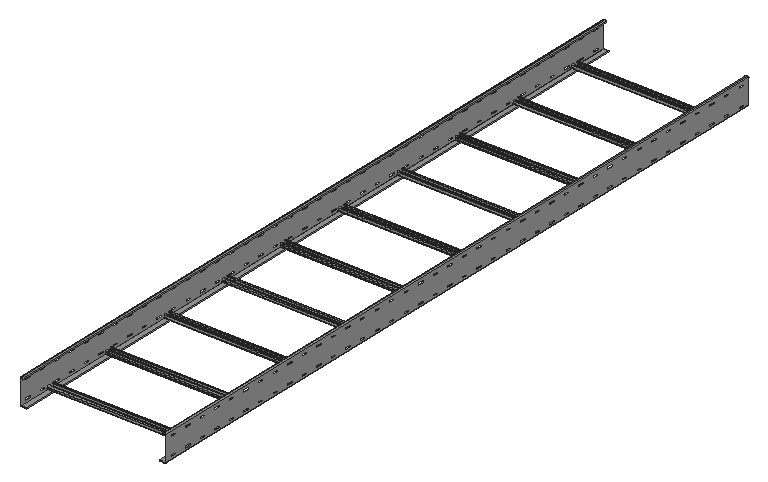
Revit family "Kabelleiter LG 116 VS 3 FT", category Generic Models, Revit 2017 (continued)
Forms (mm)
  Extrusion 139, void
    sketch origin (0, 1725, 75) x (0, 1, 0) y (0, 0, 1)
      loop
        line (51.5, 18.5) -> (23.5, 18.5) -> (23.5, 9.5) -> (51.5, 9.5) -> (51.5, 18.5)
    from 0 to 1.5
  Extrusion 140, void
    sketch origin (0, 1800, 0) x (0, 1, 0) y (0, 0, 1)
      loop
        line (51.5, 18.5) -> (23.5, 18.5) -> (23.5, 9.5) -> (51.5, 9.5) -> (51.5, 18.5)
    from 0 to 1.5
  Extrusion 141, void
    sketch origin (0, 1800, 75) x (0, 1, 0) y (0, 0, 1)
      loop
        line (51.5, 18.5) -> (23.5, 18.5) -> (23.5, 9.5) -> (51.5, 9.5) -> (51.5, 18.5)
    from 0 to 1.5
  Extrusion 142, void
    sketch origin (0, 1875, 0) x (0, 1, 0) y (0, 0, 1)
      loop
        line (51.5, 18.5) -> (23.5, 18.5) -> (23.5, 9.5) -> (51.5, 9.5) -> (51.5, 18.5)
    from 0 to 1.5
  Extrusion 143, void
    sketch origin (0, 1875, 75) x (0, 1, 0) y (0, 0, 1)
      loop
        line (51.5, 18.5) -> (23.5, 18.5) -> (23.5, 9.5) -> (51.5, 9.5) -> (51.5, 18.5)
    from 0 to 1.5
  Extrusion 144, void
    sketch origin (0, 1950, 0) x (0, 1, 0) y (0, 0, 1)
      loop
        line (51.5, 18.5) -> (23.5, 18.5) -> (23.5, 9.5) -> (51.5, 9.5) -> (51.5, 18.5)
    from 0 to 1.5
  Extrusion 145, void
    sketch origin (0, 1950, 75) x (0, 1, 0) y (0, 0, 1)
      loop
        line (51.5, 18.5) -> (23.5, 18.5) -> (23.5, 9.5) -> (51.5, 9.5) -> (51.5, 18.5)
    from 0 to 1.5
  Extrusion 146, void
    sketch origin (0, 2025, 0) x (0, 1, 0) y (0, 0, 1)
      loop
        line (51.5, 18.5) -> (23.5, 18.5) -> (23.5, 9.5) -> (51.5, 9.5) -> (51.5, 18.5)
    from 0 to 1.5
  Extrusion 147, void
    sketch origin (0, 2025, 75) x (0, 1, 0) y (0, 0, 1)
      loop
        line (51.5, 18.5) -> (23.5, 18.5) -> (23.5, 9.5) -> (51.5, 9.5) -> (51.5, 18.5)
    from 0 to 1.5
  Extrusion 148, void
    sketch origin (0, 2100, 0) x (0, 1, 0) y (0, 0, 1)
      loop
        line (51.5, 18.5) -> (23.5, 18.5) -> (23.5, 9.5) -> (51.5, 9.5) -> (51.5, 18.5)
    from 0 to 1.5
  Extrusion 149, void
    sketch origin (0, 2100, 75) x (0, 1, 0) y (0, 0, 1)
      loop
        line (51.5, 18.5) -> (23.5, 18.5) -> (23.5, 9.5) -> (51.5, 9.5) -> (51.5, 18.5)
    from 0 to 1.5
  Extrusion 150, void
    sketch origin (0, 2175, 0) x (0, 1, 0) y (0, 0, 1)
      loop
        line (51.5, 18.5) -> (23.5, 18.5) -> (23.5, 9.5) -> (51.5, 9.5) -> (51.5, 18.5)
    from 0 to 1.5
  Extrusion 151, void
    sketch origin (0, 2175, 75) x (0, 1, 0) y (0, 0, 1)
      loop
        line (51.5, 18.5) -> (23.5, 18.5) -> (23.5, 9.5) -> (51.5, 9.5) -> (51.5, 18.5)
    from 0 to 1.5
  Extrusion 152, void
    sketch origin (0, 2250, 0) x (0, 1, 0) y (0, 0, 1)
      loop
        line (51.5, 18.5) -> (23.5, 18.5) -> (23.5, 9.5) -> (51.5, 9.5) -> (51.5, 18.5)
    from 0 to 1.5
  Extrusion 153, void
    sketch origin (0, 2250, 75) x (0, 1, 0) y (0, 0, 1)
      loop
        line (51.5, 18.5) -> (23.5, 18.5) -> (23.5, 9.5) -> (51.5, 9.5) -> (51.5, 18.5)
    from 0 to 1.5
  Extrusion 154, void
    sketch origin (0, 2325, 0) x (0, 1, 0) y (0, 0, 1)
      loop
        line (51.5, 18.5) -> (23.5, 18.5) -> (23.5, 9.5) -> (51.5, 9.5) -> (51.5, 18.5)
    from 0 to 1.5
  Extrusion 155, void
    sketch origin (0, 2325, 75) x (0, 1, 0) y (0, 0, 1)
      loop
        line (51.5, 18.5) -> (23.5, 18.5) -> (23.5, 9.5) -> (51.5, 9.5) -> (51.5, 18.5)
    from 0 to 1.5
  Extrusion 156, void
    sketch origin (0, 2400, 0) x (0, 1, 0) y (0, 0, 1)
      loop
        line (51.5, 18.5) -> (23.5, 18.5) -> (23.5, 9.5) -> (51.5, 9.5) -> (51.5, 18.5)
    from 0 to 1.5
  Extrusion 157, void
    sketch origin (0, 2400, 75) x (0, 1, 0) y (0, 0, 1)
      loop
        line (51.5, 18.5) -> (23.5, 18.5) -> (23.5, 9.5) -> (51.5, 9.5) -> (51.5, 18.5)
    from 0 to 1.5
  Extrusion 158, void
    sketch origin (0, 2475, 0) x (0, 1, 0) y (0, 0, 1)
      loop
        line (51.5, 18.5) -> (23.5, 18.5) -> (23.5, 9.5) -> (51.5, 9.5) -> (51.5, 18.5)
    from 0 to 1.5
  Extrusion 159, void
    sketch origin (0, 2475, 75) x (0, 1, 0) y (0, 0, 1)
      loop
        line (51.5, 18.5) -> (23.5, 18.5) -> (23.5, 9.5) -> (51.5, 9.5) -> (51.5, 18.5)
    from 0 to 1.5
  Extrusion 160, void
    sketch origin (0, 2550, 0) x (0, 1, 0) y (0, 0, 1)
      loop
        line (51.5, 18.5) -> (23.5, 18.5) -> (23.5, 9.5) -> (51.5, 9.5) -> (51.5, 18.5)
    from 0 to 1.5
  Extrusion 161, void
    sketch origin (0, 2550, 75) x (0, 1, 0) y (0, 0, 1)
      loop
        line (51.5, 18.5) -> (23.5, 18.5) -> (23.5, 9.5) -> (51.5, 9.5) -> (51.5, 18.5)
    from 0 to 1.5
  Extrusion 162, void
    sketch origin (0, 2625, 0) x (0, 1, 0) y (0, 0, 1)
      loop
        line (51.5, 18.5) -> (23.5, 18.5) -> (23.5, 9.5) -> (51.5, 9.5) -> (51.5, 18.5)
    from 0 to 1.5
  Extrusion 163, void
    sketch origin (0, 2625, 75) x (0, 1, 0) y (0, 0, 1)
      loop
        line (51.5, 18.5) -> (23.5, 18.5) -> (23.5, 9.5) -> (51.5, 9.5) -> (51.5, 18.5)
    from 0 to 1.5
  Extrusion 164, void
    sketch origin (0, 2700, 0) x (0, 1, 0) y (0, 0, 1)
      loop
        line (51.5, 18.5) -> (23.5, 18.5) -> (23.5, 9.5) -> (51.5, 9.5) -> (51.5, 18.5)
    from 0 to 1.5
  Extrusion 165, void
    sketch origin (0, 2700, 75) x (0, 1, 0) y (0, 0, 1)
      loop
        line (51.5, 18.5) -> (23.5, 18.5) -> (23.5, 9.5) -> (51.5, 9.5) -> (51.5, 18.5)
    from 0 to 1.5
  Extrusion 166, void
    sketch origin (0, 2775, 0) x (0, 1, 0) y (0, 0, 1)
      loop
        line (51.5, 18.5) -> (23.5, 18.5) -> (23.5, 9.5) -> (51.5, 9.5) -> (51.5, 18.5)
    from 0 to 1.5
  Extrusion 167, void
    sketch origin (0, 2775, 75) x (0, 1, 0) y (0, 0, 1)
      loop
        line (51.5, 18.5) -> (23.5, 18.5) -> (23.5, 9.5) -> (51.5, 9.5) -> (51.5, 18.5)
    from 0 to 1.5
  Extrusion 168, void
    sketch origin (0, 2850, 0) x (0, 1, 0) y (0, 0, 1)
      loop
        line (51.5, 18.5) -> (23.5, 18.5) -> (23.5, 9.5) -> (51.5, 9.5) -> (51.5, 18.5)
    from 0 to 1.5
  Extrusion 169, void
    sketch origin (0, 2850, 75) x (0, 1, 0) y (0, 0, 1)
      loop
        line (51.5, 18.5) -> (23.5, 18.5) -> (23.5, 9.5) -> (51.5, 9.5) -> (51.5, 18.5)
    from 0 to 1.5
  Extrusion 170, void
    sketch origin (0, 2925, 0) x (0, 1, 0) y (0, 0, 1)
      loop
        line (51.5, 18.5) -> (23.5, 18.5) -> (23.5, 9.5) -> (51.5, 9.5) -> (51.5, 18.5)
    from 0 to 1.5
  Extrusion 171, void
    sketch origin (0, 2925, 75) x (0, 1, 0) y (0, 0, 1)
      loop
        line (51.5, 18.5) -> (23.5, 18.5) -> (23.5, 9.5) -> (51.5, 9.5) -> (51.5, 18.5)
    from 0 to 1.5
  Extrusion 172, void
    sketch origin (0, 0, 0) x (1, 0, 0) y (0, 1, 0)
      loop
        line (38.996, 153.5) -> (38.996, 146.5) -> (58.996, 146.5) -> (58.996, 153.5) -> (38.996, 153.5)
    from 1.5 to 3
  Extrusion 173, void
    sketch origin (50, 0, 0) x (1, 0, 0) y (0, 1, 0)
      loop
        line (38.996, 153.5) -> (38.996, 146.5) -> (58.996, 146.5) -> (58.996, 153.5) -> (38.996, 153.5)
    from 1.5 to 3
  Extrusion 174, void
    sketch origin (100, 0, 0) x (1, 0, 0) y (0, 1, 0)
      loop
        line (38.996, 153.5) -> (38.996, 146.5) -> (58.996, 146.5) -> (58.996, 153.5) -> (38.996, 153.5)
    from 1.5 to 3
  Extrusion 175, void
    sketch origin (150, 0, 0) x (1, 0, 0) y (0, 1, 0)
      loop
        line (38.996, 153.5) -> (38.996, 146.5) -> (58.996, 146.5) -> (58.996, 153.5) -> (38.996, 153.5)
    from 1.5 to 3
  Extrusion 176, void
    sketch origin (200, 0, 0) x (1, 0, 0) y (0, 1, 0)
      loop
        line (38.996, 153.5) -> (38.996, 146.5) -> (58.996, 146.5) -> (58.996, 153.5) -> (38.996, 153.5)
    from 1.5 to 3
  Extrusion 177, void
    sketch origin (250, 0, 0) x (1, 0, 0) y (0, 1, 0)
      loop
        line (38.996, 153.5) -> (38.996, 146.5) -> (58.996, 146.5) -> (58.996, 153.5) -> (38.996, 153.5)
    from 1.5 to 3
  Extrusion 178, void
    sketch origin (296.871, 0, -123.5) x (1, 0, 0) y (0, 1, 0)
      loop
        line (38.996, 153.5) -> (38.996, 146.5) -> (58.996, 146.5) -> (58.996, 153.5) -> (38.996, 153.5)
    from 125 to 126.5
  Extrusion 179, void
    sketch origin (350, 0, 0) x (1, 0, 0) y (0, 1, 0)
      loop
        line (38.996, 153.5) -> (38.996, 146.5) -> (58.996, 146.5) -> (58.996, 153.5) -> (38.996, 153.5)
    from 1.5 to 3
  Extrusion 180, void
    sketch origin (400, 0, 0) x (1, 0, 0) y (0, 1, 0)
      loop
        line (38.996, 153.5) -> (38.996, 146.5) -> (58.996, 146.5) -> (58.996, 153.5) -> (38.996, 153.5)
    from 1.5 to 3
  Extrusion 181, void
    sketch origin (450, 0, 0) x (1, 0, 0) y (0, 1, 0)
      loop
        line (38.996, 153.5) -> (38.996, 146.5) -> (58.996, 146.5) -> (58.996, 153.5) -> (38.996, 153.5)
    from 1.5 to 3
  Extrusion 182, void
    sketch origin (500, 0, 0) x (1, 0, 0) y (0, 1, 0)
      loop
        line (38.996, 153.5) -> (38.996, 146.5) -> (58.996, 146.5) -> (58.996, 153.5) -> (38.996, 153.5)
    from 1.5 to 3
  Extrusion 183, void
    sketch origin (0, 600, 0) x (1, 0, 0) y (0, 1, 0)
      loop
        line (38.996, 153.5) -> (38.996, 146.5) -> (58.996, 146.5) -> (58.996, 153.5) -> (38.996, 153.5)
    from 1.5 to 3
  Extrusion 184, void
    sketch origin (0, 900, 0) x (1, 0, 0) y (0, 1, 0)
      loop
        line (38.996, 153.5) -> (38.996, 146.5) -> (58.996, 146.5) -> (58.996, 153.5) -> (38.996, 153.5)
    from 1.5 to 3
  Extrusion 185, void
    sketch origin (0, 1200, 0) x (1, 0, 0) y (0, 1, 0)
      loop
        line (38.996, 153.5) -> (38.996, 146.5) -> (58.996, 146.5) -> (58.996, 153.5) -> (38.996, 153.5)
    from 1.5 to 3
  Extrusion 186, void
    sketch origin (0, 1500, 0) x (1, 0, 0) y (0, 1, 0)
      loop
        line (38.996, 153.5) -> (38.996, 146.5) -> (58.996, 146.5) -> (58.996, 153.5) -> (38.996, 153.5)
    from 1.5 to 3
  Extrusion 187, void
    sketch origin (0, 1800, 0) x (1, 0, 0) y (0, 1, 0)
      loop
        line (38.996, 153.5) -> (38.996, 146.5) -> (58.996, 146.5) -> (58.996, 153.5) -> (38.996, 153.5)
    from 1.5 to 3
  Extrusion 188, void
    sketch origin (0, 2100, 0) x (1, 0, 0) y (0, 1, 0)
      loop
        line (38.996, 153.5) -> (38.996, 146.5) -> (58.996, 146.5) -> (58.996, 153.5) -> (38.996, 153.5)
    from 1.5 to 3
  Extrusion 189, void
    sketch origin (0, 2400, 0) x (1, 0, 0) y (0, 1, 0)
      loop
        line (38.996, 153.5) -> (38.996, 146.5) -> (58.996, 146.5) -> (58.996, 153.5) -> (38.996, 153.5)
    from 1.5 to 3
  Extrusion 190, void
    sketch origin (0, 2700, 0) x (1, 0, 0) y (0, 1, 0)
      loop
        line (38.996, 153.5) -> (38.996, 146.5) -> (58.996, 146.5) -> (58.996, 153.5) -> (38.996, 153.5)
    from 1.5 to 2.991
  Extrusion 191, void
    sketch origin (0, 0, 0) x (1, 0, 0) y (0, 1, 0)
      loop
        line (38.996, 453.5) -> (38.996, 446.5) -> (58.996, 446.5) -> (58.996, 453.5) -> (38.996, 453.5)
    from 1.5 to 3
  Extrusion 192, void
    sketch origin (50, 0, 0) x (1, 0, 0) y (0, 1, 0)
      loop
        line (38.996, 453.5) -> (38.996, 446.5) -> (58.996, 446.5) -> (58.996, 453.5) -> (38.996, 453.5)
    from 1.5 to 3
  Extrusion 193, void
    sketch origin (100, 0, 0) x (1, 0, 0) y (0, 1, 0)
      loop
        line (38.996, 453.5) -> (38.996, 446.5) -> (58.996, 446.5) -> (58.996, 453.5) -> (38.996, 453.5)
    from 1.5 to 3
  Extrusion 194, void
    sketch origin (150, 0, 0) x (1, 0, 0) y (0, 1, 0)
      loop
        line (38.996, 453.5) -> (38.996, 446.5) -> (58.996, 446.5) -> (58.996, 453.5) -> (38.996, 453.5)
    from 1.5 to 3
  Extrusion 195, void
    sketch origin (200, 0, 0) x (1, 0, 0) y (0, 1, 0)
      loop
        line (38.996, 453.5) -> (38.996, 446.5) -> (58.996, 446.5) -> (58.996, 453.5) -> (38.996, 453.5)
    from 1.5 to 3
  Extrusion 196, void
    sketch origin (250, 0, 0) x (1, 0, 0) y (0, 1, 0)
      loop
        line (38.996, 453.5) -> (38.996, 446.5) -> (58.996, 446.5) -> (58.996, 453.5) -> (38.996, 453.5)
    from 1.5 to 3
  Extrusion 197, void
    sketch origin (300, 0, 0) x (1, 0, 0) y (0, 1, 0)
      loop
        line (38.996, 453.5) -> (38.996, 446.5) -> (58.996, 446.5) -> (58.996, 453.5) -> (38.996, 453.5)
    from 1.5 to 3
  Extrusion 198, void
    sketch origin (350, 0, 0) x (1, 0, 0) y (0, 1, 0)
      loop
        line (38.996, 453.5) -> (38.996, 446.5) -> (58.996, 446.5) -> (58.996, 453.5) -> (38.996, 453.5)
    from 1.5 to 3
  Extrusion 199, void
    sketch origin (400, 0, 0) x (1, 0, 0) y (0, 1, 0)
      loop
        line (38.996, 453.5) -> (38.996, 446.5) -> (58.996, 446.5) -> (58.996, 453.5) -> (38.996, 453.5)
    from 1.5 to 3
  Extrusion 200, void
    sketch origin (450, 0, 0) x (1, 0, 0) y (0, 1, 0)
      loop
        line (38.996, 453.5) -> (38.996, 446.5) -> (58.996, 446.5) -> (58.996, 453.5) -> (38.996, 453.5)
    from 1.5 to 3
  Extrusion 201, void
    sketch origin (500, 0, 0) x (1, 0, 0) y (0, 1, 0)
      loop
        line (38.996, 453.5) -> (38.996, 446.5) -> (58.996, 446.5) -> (58.996, 453.5) -> (38.996, 453.5)
    from 1.5 to 3
  Extrusion 202, void
    sketch origin (50, 600, 0) x (1, 0, 0) y (0, 1, 0)
      loop
        line (38.996, 153.5) -> (38.996, 146.5) -> (58.996, 146.5) -> (58.996, 153.5) -> (38.996, 153.5)
    from 1.5 to 3
  Extrusion 203, void
    sketch origin (100, 600, 0) x (1, 0, 0) y (0, 1, 0)
      loop
        line (38.996, 153.5) -> (38.996, 146.5) -> (58.996, 146.5) -> (58.996, 153.5) -> (38.996, 153.5)
    from 1.5 to 3
  Extrusion 204, void
    sketch origin (150, 600, 0) x (1, 0, 0) y (0, 1, 0)
      loop
        line (38.996, 153.5) -> (38.996, 146.5) -> (58.996, 146.5) -> (58.996, 153.5) -> (38.996, 153.5)
    from 1.5 to 3
  Extrusion 205, void
    sketch origin (200, 600, 0) x (1, 0, 0) y (0, 1, 0)
      loop
        line (38.996, 153.5) -> (38.996, 146.5) -> (58.996, 146.5) -> (58.996, 153.5) -> (38.996, 153.5)
    from 1.5 to 3
  Extrusion 206, void
    sketch origin (250, 600, 0) x (1, 0, 0) y (0, 1, 0)
      loop
        line (38.996, 153.5) -> (38.996, 146.5) -> (58.996, 146.5) -> (58.996, 153.5) -> (38.996, 153.5)
    from 1.5 to 3
  Extrusion 207, void
    sketch origin (300, 600, 0) x (1, 0, 0) y (0, 1, 0)
      loop
        line (38.996, 153.5) -> (38.996, 146.5) -> (58.996, 146.5) -> (58.996, 153.5) -> (38.996, 153.5)
    from 1.5 to 3
  Extrusion 208, void
    sketch origin (350, 600, 0) x (1, 0, 0) y (0, 1, 0)
      loop
        line (38.996, 153.5) -> (38.996, 146.5) -> (58.996, 146.5) -> (58.996, 153.5) -> (38.996, 153.5)
    from 1.5 to 3
  Extrusion 209, void
    sketch origin (400, 600, 0) x (1, 0, 0) y (0, 1, 0)
      loop
        line (38.996, 153.5) -> (38.996, 146.5) -> (58.996, 146.5) -> (58.996, 153.5) -> (38.996, 153.5)
    from 1.5 to 3
  Extrusion 210, void
    sketch origin (450, 600, 0) x (1, 0, 0) y (0, 1, 0)
      loop
        line (38.996, 153.5) -> (38.996, 146.5) -> (58.996, 146.5) -> (58.996, 153.5) -> (38.996, 153.5)
    from 1.5 to 3
  Extrusion 211, void
    sketch origin (500, 600, 0) x (1, 0, 0) y (0, 1, 0)
      loop
        line (38.996, 153.5) -> (38.996, 146.5) -> (58.996, 146.5) -> (58.996, 153.5) -> (38.996, 153.5)
    from 1.5 to 3
  Extrusion 212, void
    sketch origin (50, 900, 0) x (1, 0, 0) y (0, 1, 0)
      loop
        line (38.996, 153.5) -> (38.996, 146.5) -> (58.996, 146.5) -> (58.996, 153.5) -> (38.996, 153.5)
    from 1.5 to 3
  Extrusion 213, void
    sketch origin (100, 900, 0) x (1, 0, 0) y (0, 1, 0)
      loop
        line (38.996, 153.5) -> (38.996, 146.5) -> (58.996, 146.5) -> (58.996, 153.5) -> (38.996, 153.5)
    from 1.5 to 3
  Extrusion 214, void
    sketch origin (150, 900, 0) x (1, 0, 0) y (0, 1, 0)
      loop
        line (38.996, 153.5) -> (38.996, 146.5) -> (58.996, 146.5) -> (58.996, 153.5) -> (38.996, 153.5)
    from 1.5 to 3
  Extrusion 215, void
    sketch origin (200, 900, 0) x (1, 0, 0) y (0, 1, 0)
      loop
        line (38.996, 153.5) -> (38.996, 146.5) -> (58.996, 146.5) -> (58.996, 153.5) -> (38.996, 153.5)
    from 1.5 to 3
  Extrusion 216, void
    sketch origin (250, 900, 0) x (1, 0, 0) y (0, 1, 0)
      loop
        line (38.996, 153.5) -> (38.996, 146.5) -> (58.996, 146.5) -> (58.996, 153.5) -> (38.996, 153.5)
    from 1.5 to 3
  Extrusion 217, void
    sketch origin (300, 900, 0) x (1, 0, 0) y (0, 1, 0)
      loop
        line (38.996, 153.5) -> (38.996, 146.5) -> (58.996, 146.5) -> (58.996, 153.5) -> (38.996, 153.5)
    from 1.5 to 3
  Extrusion 218, void
    sketch origin (350, 900, 0) x (1, 0, 0) y (0, 1, 0)
      loop
        line (38.996, 153.5) -> (38.996, 146.5) -> (58.996, 146.5) -> (58.996, 153.5) -> (38.996, 153.5)
    from 1.5 to 3
  Extrusion 219, void
    sketch origin (400, 900, 0) x (1, 0, 0) y (0, 1, 0)
      loop
        line (38.996, 153.5) -> (38.996, 146.5) -> (58.996, 146.5) -> (58.996, 153.5) -> (38.996, 153.5)
    from 1.5 to 3
  Extrusion 220, void
    sketch origin (450, 900, 0) x (1, 0, 0) y (0, 1, 0)
      loop
        line (38.996, 153.5) -> (38.996, 146.5) -> (58.996, 146.5) -> (58.996, 153.5) -> (38.996, 153.5)
    from 1.5 to 3
  Extrusion 221, void
    sketch origin (500, 900, 0) x (1, 0, 0) y (0, 1, 0)
      loop
        line (38.996, 153.5) -> (38.996, 146.5) -> (58.996, 146.5) -> (58.996, 153.5) -> (38.996, 153.5)
    from 1.5 to 3
  Extrusion 222, void
    sketch origin (50, 1200, 0) x (1, 0, 0) y (0, 1, 0)
      loop
        line (38.996, 153.5) -> (38.996, 146.5) -> (58.996, 146.5) -> (58.996, 153.5) -> (38.996, 153.5)
    from 1.5 to 3
  Extrusion 223, void
    sketch origin (100, 1200, 0) x (1, 0, 0) y (0, 1, 0)
      loop
        line (38.996, 153.5) -> (38.996, 146.5) -> (58.996, 146.5) -> (58.996, 153.5) -> (38.996, 153.5)
    from 1.5 to 3
  Extrusion 224, void
    sketch origin (150, 1200, 0) x (1, 0, 0) y (0, 1, 0)
      loop
        line (38.996, 153.5) -> (38.996, 146.5) -> (58.996, 146.5) -> (58.996, 153.5) -> (38.996, 153.5)
    from 1.5 to 3
  Extrusion 225, void
    sketch origin (200, 1200, 0) x (1, 0, 0) y (0, 1, 0)
      loop
        line (38.996, 153.5) -> (38.996, 146.5) -> (58.996, 146.5) -> (58.996, 153.5) -> (38.996, 153.5)
    from 1.5 to 3
  Extrusion 226, void
    sketch origin (250, 1200, 0) x (1, 0, 0) y (0, 1, 0)
      loop
        line (38.996, 153.5) -> (38.996, 146.5) -> (58.996, 146.5) -> (58.996, 153.5) -> (38.996, 153.5)
    from 1.5 to 3
  Extrusion 227, void
    sketch origin (300, 1200, 0) x (1, 0, 0) y (0, 1, 0)
      loop
        line (38.996, 153.5) -> (38.996, 146.5) -> (58.996, 146.5) -> (58.996, 153.5) -> (38.996, 153.5)
    from 1.5 to 3
  Extrusion 228, void
    sketch origin (350, 1200, 0) x (1, 0, 0) y (0, 1, 0)
      loop
        line (38.996, 153.5) -> (38.996, 146.5) -> (58.996, 146.5) -> (58.996, 153.5) -> (38.996, 153.5)
    from 1.5 to 3
  Extrusion 229, void
    sketch origin (400, 1200, 0) x (1, 0, 0) y (0, 1, 0)
      loop
        line (38.996, 153.5) -> (38.996, 146.5) -> (58.996, 146.5) -> (58.996, 153.5) -> (38.996, 153.5)
    from 1.5 to 3
  Extrusion 230, void
    sketch origin (450, 1200, 0) x (1, 0, 0) y (0, 1, 0)
      loop
        line (38.996, 153.5) -> (38.996, 146.5) -> (58.996, 146.5) -> (58.996, 153.5) -> (38.996, 153.5)
    from 1.5 to 3
  Extrusion 231, void
    sketch origin (500, 1200, 0) x (1, 0, 0) y (0, 1, 0)
      loop
        line (38.996, 153.5) -> (38.996, 146.5) -> (58.996, 146.5) -> (58.996, 153.5) -> (38.996, 153.5)
    from 1.5 to 3
  Extrusion 232, void
    sketch origin (50, 1500, 0) x (1, 0, 0) y (0, 1, 0)
      loop
        line (38.996, 153.5) -> (38.996, 146.5) -> (58.996, 146.5) -> (58.996, 153.5) -> (38.996, 153.5)
    from 1.5 to 3
  Extrusion 233, void
    sketch origin (100, 1500, 0) x (1, 0, 0) y (0, 1, 0)
      loop
        line (38.996, 153.5) -> (38.996, 146.5) -> (58.996, 146.5) -> (58.996, 153.5) -> (38.996, 153.5)
    from 1.5 to 3
  Extrusion 234, void
    sketch origin (150, 1500, 0) x (1, 0, 0) y (0, 1, 0)
      loop
        line (38.996, 153.5) -> (38.996, 146.5) -> (58.996, 146.5) -> (58.996, 153.5) -> (38.996, 153.5)
    from 1.5 to 3
  Extrusion 235, void
    sketch origin (200, 1500, 0) x (1, 0, 0) y (0, 1, 0)
      loop
        line (38.996, 153.5) -> (38.996, 146.5) -> (58.996, 146.5) -> (58.996, 153.5) -> (38.996, 153.5)
    from 1.5 to 3
  Extrusion 236, void
    sketch origin (250, 1500, 0) x (1, 0, 0) y (0, 1, 0)
      loop
        line (38.996, 153.5) -> (38.996, 146.5) -> (58.996, 146.5) -> (58.996, 153.5) -> (38.996, 153.5)
    from 1.5 to 3
  Extrusion 237, void
    sketch origin (300, 1500, 0) x (1, 0, 0) y (0, 1, 0)
      loop
        line (38.996, 153.5) -> (38.996, 146.5) -> (58.996, 146.5) -> (58.996, 153.5) -> (38.996, 153.5)
    from 1.5 to 3
  Extrusion 238, void
    sketch origin (350, 1500, 0) x (1, 0, 0) y (0, 1, 0)
      loop
        line (38.996, 153.5) -> (38.996, 146.5) -> (58.996, 146.5) -> (58.996, 153.5) -> (38.996, 153.5)
    from 1.5 to 3
  Extrusion 239, void
    sketch origin (400, 1500, 0) x (1, 0, 0) y (0, 1, 0)
      loop
        line (38.996, 153.5) -> (38.996, 146.5) -> (58.996, 146.5) -> (58.996, 153.5) -> (38.996, 153.5)
    from 1.5 to 3
  Extrusion 240, void
    sketch origin (450, 1500, 0) x (1, 0, 0) y (0, 1, 0)
      loop
        line (38.996, 153.5) -> (38.996, 146.5) -> (58.996, 146.5) -> (58.996, 153.5) -> (38.996, 153.5)
    from 1.5 to 3
  Extrusion 241, void
    sketch origin (500, 1500, 0) x (1, 0, 0) y (0, 1, 0)
      loop
        line (38.996, 153.5) -> (38.996, 146.5) -> (58.996, 146.5) -> (58.996, 153.5) -> (38.996, 153.5)
    from 1.5 to 3
  Extrusion 242, void
    sketch origin (50, 1800, 0) x (1, 0, 0) y (0, 1, 0)
      loop
        line (38.996, 153.5) -> (38.996, 146.5) -> (58.996, 146.5) -> (58.996, 153.5) -> (38.996, 153.5)
    from 1.5 to 3
  Extrusion 243, void
    sketch origin (100, 1800, 0) x (1, 0, 0) y (0, 1, 0)
      loop
        line (38.996, 153.5) -> (38.996, 146.5) -> (58.996, 146.5) -> (58.996, 153.5) -> (38.996, 153.5)
    from 1.5 to 3
  Extrusion 244, void
    sketch origin (150, 1800, 0) x (1, 0, 0) y (0, 1, 0)
      loop
        line (38.996, 153.5) -> (38.996, 146.5) -> (58.996, 146.5) -> (58.996, 153.5) -> (38.996, 153.5)
    from 1.5 to 3
  Extrusion 245, void
    sketch origin (200, 1800, 0) x (1, 0, 0) y (0, 1, 0)
      loop
        line (38.996, 153.5) -> (38.996, 146.5) -> (58.996, 146.5) -> (58.996, 153.5) -> (38.996, 153.5)
    from 1.5 to 3
  Extrusion 246, void
    sketch origin (250, 1800, 0) x (1, 0, 0) y (0, 1, 0)
      loop
        line (38.996, 153.5) -> (38.996, 146.5) -> (58.996, 146.5) -> (58.996, 153.5) -> (38.996, 153.5)
    from 1.5 to 3
  Extrusion 247, void
    sketch origin (300, 1800, 0) x (1, 0, 0) y (0, 1, 0)
      loop
        line (38.996, 153.5) -> (38.996, 146.5) -> (58.996, 146.5) -> (58.996, 153.5) -> (38.996, 153.5)
    from 1.5 to 3
  Extrusion 248, void
    sketch origin (350, 1800, 0) x (1, 0, 0) y (0, 1, 0)
      loop
        line (38.996, 153.5) -> (38.996, 146.5) -> (58.996, 146.5) -> (58.996, 153.5) -> (38.996, 153.5)
    from 1.5 to 3
  Extrusion 249, void
    sketch origin (400, 1800, 0) x (1, 0, 0) y (0, 1, 0)
      loop
        line (38.996, 153.5) -> (38.996, 146.5) -> (58.996, 146.5) -> (58.996, 153.5) -> (38.996, 153.5)
    from 1.5 to 3
  Extrusion 250, void
    sketch origin (450, 1800, 0) x (1, 0, 0) y (0, 1, 0)
      loop
        line (38.996, 153.5) -> (38.996, 146.5) -> (58.996, 146.5) -> (58.996, 153.5) -> (38.996, 153.5)
    from 1.5 to 3
  Extrusion 251, void
    sketch origin (500, 1800, 0) x (1, 0, 0) y (0, 1, 0)
      loop
        line (38.996, 153.5) -> (38.996, 146.5) -> (58.996, 146.5) -> (58.996, 153.5) -> (38.996, 153.5)
    from 1.5 to 3
  Extrusion 252, void
    sketch origin (50, 2100, 0) x (1, 0, 0) y (0, 1, 0)
      loop
        line (38.996, 153.5) -> (38.996, 146.5) -> (58.996, 146.5) -> (58.996, 153.5) -> (38.996, 153.5)
    from 1.5 to 3
  Extrusion 253, void
    sketch origin (100, 2100, 0) x (1, 0, 0) y (0, 1, 0)
      loop
        line (38.996, 153.5) -> (38.996, 146.5) -> (58.996, 146.5) -> (58.996, 153.5) -> (38.996, 153.5)
    from 1.5 to 3
  Extrusion 254, void
    sketch origin (150, 2100, 0) x (1, 0, 0) y (0, 1, 0)
      loop
        line (38.996, 153.5) -> (38.996, 146.5) -> (58.996, 146.5) -> (58.996, 153.5) -> (38.996, 153.5)
    from 1.5 to 3
  Extrusion 255, void
    sketch origin (200, 2100, 0) x (1, 0, 0) y (0, 1, 0)
      loop
        line (38.996, 153.5) -> (38.996, 146.5) -> (58.996, 146.5) -> (58.996, 153.5) -> (38.996, 153.5)
    from 1.5 to 3
  Extrusion 256, void
    sketch origin (250, 2100, 0) x (1, 0, 0) y (0, 1, 0)
      loop
        line (38.996, 153.5) -> (38.996, 146.5) -> (58.996, 146.5) -> (58.996, 153.5) -> (38.996, 153.5)
    from 1.5 to 3
  Extrusion 257, void
    sketch origin (300, 2100, 0) x (1, 0, 0) y (0, 1, 0)
      loop
        line (38.996, 153.5) -> (38.996, 146.5) -> (58.996, 146.5) -> (58.996, 153.5) -> (38.996, 153.5)
    from 1.5 to 3
  Extrusion 258, void
    sketch origin (350, 2100, 0) x (1, 0, 0) y (0, 1, 0)
      loop
        line (38.996, 153.5) -> (38.996, 146.5) -> (58.996, 146.5) -> (58.996, 153.5) -> (38.996, 153.5)
    from 1.5 to 3
  Extrusion 259, void
    sketch origin (400, 2100, 0) x (1, 0, 0) y (0, 1, 0)
      loop
        line (38.996, 153.5) -> (38.996, 146.5) -> (58.996, 146.5) -> (58.996, 153.5) -> (38.996, 153.5)
    from 1.5 to 3
  Extrusion 260, void
    sketch origin (450, 2100, 0) x (1, 0, 0) y (0, 1, 0)
      loop
        line (38.996, 153.5) -> (38.996, 146.5) -> (58.996, 146.5) -> (58.996, 153.5) -> (38.996, 153.5)
    from 1.5 to 3
  Extrusion 261, void
    sketch origin (500, 2100, 0) x (1, 0, 0) y (0, 1, 0)
      loop
        line (38.996, 153.5) -> (38.996, 146.5) -> (58.996, 146.5) -> (58.996, 153.5) -> (38.996, 153.5)
    from 1.5 to 3
  Extrusion 262, void
    sketch origin (50, 2400, 0) x (1, 0, 0) y (0, 1, 0)
      loop
        line (38.996, 153.5) -> (38.996, 146.5) -> (58.996, 146.5) -> (58.996, 153.5) -> (38.996, 153.5)
    from 1.5 to 3
  Extrusion 263, void
    sketch origin (100, 2400, 0) x (1, 0, 0) y (0, 1, 0)
      loop
        line (38.996, 153.5) -> (38.996, 146.5) -> (58.996, 146.5) -> (58.996, 153.5) -> (38.996, 153.5)
    from 1.5 to 3
  Extrusion 264, void
    sketch origin (150, 2400, 0) x (1, 0, 0) y (0, 1, 0)
      loop
        line (38.996, 153.5) -> (38.996, 146.5) -> (58.996, 146.5) -> (58.996, 153.5) -> (38.996, 153.5)
    from 1.5 to 3
  Extrusion 265, void
    sketch origin (200, 2400, 0) x (1, 0, 0) y (0, 1, 0)
      loop
        line (38.996, 153.5) -> (38.996, 146.5) -> (58.996, 146.5) -> (58.996, 153.5) -> (38.996, 153.5)
    from 1.5 to 3
  Extrusion 266, void
    sketch origin (250, 2400, 0) x (1, 0, 0) y (0, 1, 0)
      loop
        line (38.996, 153.5) -> (38.996, 146.5) -> (58.996, 146.5) -> (58.996, 153.5) -> (38.996, 153.5)
    from 1.5 to 3
  Extrusion 267, void
    sketch origin (300, 2400, 0) x (1, 0, 0) y (0, 1, 0)
      loop
        line (38.996, 153.5) -> (38.996, 146.5) -> (58.996, 146.5) -> (58.996, 153.5) -> (38.996, 153.5)
    from 1.5 to 3
  Extrusion 268, void
    sketch origin (350, 2400, 0) x (1, 0, 0) y (0, 1, 0)
      loop
        line (38.996, 153.5) -> (38.996, 146.5) -> (58.996, 146.5) -> (58.996, 153.5) -> (38.996, 153.5)
    from 1.5 to 3
  Extrusion 269, void
    sketch origin (400, 2400, 0) x (1, 0, 0) y (0, 1, 0)
      loop
        line (38.996, 153.5) -> (38.996, 146.5) -> (58.996, 146.5) -> (58.996, 153.5) -> (38.996, 153.5)
    from 1.5 to 3
  Extrusion 270, void
    sketch origin (450, 2400, 0) x (1, 0, 0) y (0, 1, 0)
      loop
        line (38.996, 153.5) -> (38.996, 146.5) -> (58.996, 146.5) -> (58.996, 153.5) -> (38.996, 153.5)
    from 1.5 to 3
  Extrusion 271, void
    sketch origin (500, 2400, 0) x (1, 0, 0) y (0, 1, 0)
      loop
        line (38.996, 153.5) -> (38.996, 146.5) -> (58.996, 146.5) -> (58.996, 153.5) -> (38.996, 153.5)
    from 1.5 to 3
  Extrusion 272, void
    sketch origin (50, 2700, 0) x (1, 0, 0) y (0, 1, 0)
      loop
        line (38.996, 153.5) -> (38.996, 146.5) -> (58.996, 146.5) -> (58.996, 153.5) -> (38.996, 153.5)
    from 1.5 to 2.991
  Extrusion 273, void
    sketch origin (100, 2700, 0) x (1, 0, 0) y (0, 1, 0)
      loop
        line (38.996, 153.5) -> (38.996, 146.5) -> (58.996, 146.5) -> (58.996, 153.5) -> (38.996, 153.5)
    from 1.5 to 2.991
  Extrusion 274, void
    sketch origin (150, 2700, 0) x (1, 0, 0) y (0, 1, 0)
      loop
        line (38.996, 153.5) -> (38.996, 146.5) -> (58.996, 146.5) -> (58.996, 153.5) -> (38.996, 153.5)
    from 1.5 to 2.991
  Extrusion 275, void
    sketch origin (200, 2700, 0) x (1, 0, 0) y (0, 1, 0)
      loop
        line (38.996, 153.5) -> (38.996, 146.5) -> (58.996, 146.5) -> (58.996, 153.5) -> (38.996, 153.5)
    from 1.5 to 2.991
  Extrusion 276, void
    sketch origin (250, 2700, 0) x (1, 0, 0) y (0, 1, 0)
      loop
        line (38.996, 153.5) -> (38.996, 146.5) -> (58.996, 146.5) -> (58.996, 153.5) -> (38.996, 153.5)
    from 1.5 to 2.991
  Extrusion 277, void
    sketch origin (300, 2700, 0) x (1, 0, 0) y (0, 1, 0)
      loop
        line (38.996, 153.5) -> (38.996, 146.5) -> (58.996, 146.5) -> (58.996, 153.5) -> (38.996, 153.5)
    from 1.5 to 2.991
  Extrusion 278, void
    sketch origin (350, 2700, 0) x (1, 0, 0) y (0, 1, 0)
      loop
        line (38.996, 153.5) -> (38.996, 146.5) -> (58.996, 146.5) -> (58.996, 153.5) -> (38.996, 153.5)
    from 1.5 to 2.991
  Extrusion 279, void
    sketch origin (400, 2700, 0) x (1, 0, 0) y (0, 1, 0)
      loop
        line (38.996, 153.5) -> (38.996, 146.5) -> (58.996, 146.5) -> (58.996, 153.5) -> (38.996, 153.5)
    from 1.5 to 2.991
  Extrusion 280, void
    sketch origin (450, 2700, 0) x (1, 0, 0) y (0, 1, 0)
      loop
        line (38.996, 153.5) -> (38.996, 146.5) -> (58.996, 146.5) -> (58.996, 153.5) -> (38.996, 153.5)
    from 1.5 to 2.991
  Extrusion 281, void
    sketch origin (500, 2700, 0) x (1, 0, 0) y (0, 1, 0)
      loop
        line (38.996, 153.5) -> (38.996, 146.5) -> (58.996, 146.5) -> (58.996, 153.5) -> (38.996, 153.5)
    from 1.5 to 2.991
Cuts and joins
  Extrusion 12, Extrusion 13, Extrusion 14, Extrusion 15, Extrusion 16, Extrusion 17, Extrusion 18, Extrusion 19, Extrusion 20, Extrusion 21, Extrusion 22, Extrusion 23, Extrusion 24, Extrusion 25, Extrusion 26, Extrusion 27, Extrusion 28, Extrusion 29, Extrusion 30, Extrusion 31, Extrusion 32, Extrusion 33, Extrusion 34, Extrusion 35, Extrusion 36, Extrusion 37, Extrusion 38, Extrusion 39, Extrusion 40, Extrusion 41, Extrusion 42, Extrusion 43, Extrusion 44, Extrusion 45, Extrusion 46, Extrusion 47, Extrusion 48, Extrusion 49, Extrusion 50, Extrusion 51, Extrusion 52, Extrusion 53, Extrusion 54, Extrusion 55, Extrusion 56, Extrusion 57, Extrusion 58, Extrusion 59, Extrusion 60, Extrusion 61, Extrusion 62, Extrusion 63, Extrusion 64, Extrusion 65, Extrusion 66, Extrusion 67, Extrusion 68, Extrusion 69, Extrusion 70, Extrusion 71, Extrusion 72, Extrusion 73, Extrusion 74, Extrusion 75, Extrusion 76, Extrusion 77, Extrusion 78, Extrusion 79, Extrusion 80, Extrusion 81, Extrusion 82, Extrusion 83, Extrusion 84, Extrusion 85, Extrusion 86, Extrusion 87, Extrusion 88, Extrusion 89, Extrusion 90, Extrusion 91, Extrusion 92, Extrusion 93, Extrusion 94, Extrusion 95, Extrusion 96, Extrusion 97, Extrusion 98, Extrusion 99, Extrusion 100, Extrusion 101, Extrusion 102, Extrusion 103, Extrusion 104, Extrusion 105, Extrusion 106, Extrusion 107, Extrusion 108, Extrusion 109, Extrusion 110, Extrusion 111, Extrusion 112, Extrusion 113, Extrusion 114, Extrusion 115, Extrusion 116, Extrusion 117, Extrusion 118, Extrusion 119, Extrusion 120, Extrusion 121, Extrusion 122, Extrusion 123, Extrusion 124, Extrusion 125, Extrusion 126, Extrusion 127, Extrusion 128, Extrusion 129, Extrusion 130, Extrusion 131, Extrusion 132, Extrusion 133, Extrusion 134, Extrusion 135, Extrusion 136, Extrusion 137, Extrusion 138, Extrusion 139, Extrusion 140, Extrusion 141, Extrusion 142, Extrusion 143, Extrusion 144, Extrusion 145, Extrusion 146, Extrusion 147, Extrusion 148, Extrusion 149, Extrusion 150, Extrusion 151, Extrusion 152, Extrusion 153, Extrusion 154, Extrusion 155, Extrusion 156, Extrusion 157, Extrusion 158, Extrusion 159, Extrusion 160, Extrusion 161, Extrusion 162, Extrusion 163, Extrusion 164, Extrusion 165, Extrusion 166, Extrusion 167, Extrusion 168, Extrusion 169, Extrusion 170, Extrusion 171 cuts Extrusion 1
  Extrusion 172, Extrusion 173, Extrusion 174, Extrusion 175, Extrusion 176, Extrusion 177, Extrusion 178, Extrusion 179, Extrusion 180, Extrusion 181, Extrusion 182 cuts Extrusion 2
  Extrusion 183, Extrusion 202, Extrusion 203, Extrusion 204, Extrusion 205, Extrusion 206, Extrusion 207, Extrusion 208, Extrusion 209, Extrusion 210, Extrusion 211 cuts Extrusion 4
  Extrusion 184, Extrusion 212, Extrusion 213, Extrusion 214, Extrusion 215, Extrusion 216, Extrusion 217, Extrusion 218, Extrusion 219, Extrusion 220, Extrusion 221 cuts Extrusion 5
  Extrusion 185, Extrusion 222, Extrusion 223, Extrusion 224, Extrusion 225, Extrusion 226, Extrusion 227, Extrusion 228, Extrusion 229, Extrusion 230, Extrusion 231 cuts Extrusion 6
  Extrusion 186, Extrusion 232, Extrusion 233, Extrusion 234, Extrusion 235, Extrusion 236, Extrusion 237, Extrusion 238, Extrusion 239, Extrusion 240, Extrusion 241 cuts Extrusion 7
  Extrusion 187, Extrusion 242, Extrusion 243, Extrusion 244, Extrusion 245, Extrusion 246, Extrusion 247, Extrusion 248, Extrusion 249, Extrusion 250, Extrusion 251 cuts Extrusion 8
  Extrusion 188, Extrusion 252, Extrusion 253, Extrusion 254, Extrusion 255, Extrusion 256, Extrusion 257, Extrusion 258, Extrusion 259, Extrusion 260, Extrusion 261 cuts Extrusion 9
  Extrusion 189, Extrusion 262, Extrusion 263, Extrusion 264, Extrusion 265, Extrusion 266, Extrusion 267, Extrusion 268, Extrusion 269, Extrusion 270, Extrusion 271 cuts Extrusion 10
  Extrusion 190, Extrusion 272, Extrusion 273, Extrusion 274, Extrusion 275, Extrusion 276, Extrusion 277, Extrusion 278, Extrusion 279, Extrusion 280, Extrusion 281 cuts Extrusion 11
  Extrusion 191, Extrusion 192, Extrusion 193, Extrusion 194, Extrusion 195, Extrusion 196, Extrusion 197, Extrusion 198, Extrusion 199, Extrusion 200, Extrusion 201 cuts Extrusion 3
Dimensions and locks
  locked: Extrusion 1 sketch curve to Extrusion 1 sketch curve at 1.5  (x5)
  locked: Extrusion 1 sketch curve to Extrusion 1 sketch curve at 26.959
  locked: Extrusion 1 sketch curve to Extrusion 1 sketch curve at 12
  locked: Extrusion 1 sketch curve to Extrusion 1 sketch curve at 110  (x2)
  locked: plane 5 to Extrusion 1 sketch curve at 1.5
  locked: Extrusion 1 sketch curve to Extrusion 1 sketch curve at 9  (x2)
  Extrusion 1 sketch curve to Extrusion 1 sketch curve = 110 mm
  locked: Extrusion 1 sketch curve to Extrusion 1 sketch curve at 7.5
  locked: Extrusion 1 sketch curve to Extrusion 1 sketch curve at 27
  Extrusion 1 sketch curve to Extrusion 1 sketch curve = 1.5 mm
  "Width": plane 8 to plane 3 "Center (Left/Right)"
  "Width 1": plane 9 to plane 3 "Center (Left/Right)"
  plane 1 "Center (Front/Back)" to plane 10 = 3000 mm
  locked: Extrusion 2 sketch curve to Extrusion 2 sketch curve at 1.5  (x4)
  Extrusion 2 sketch curve to Extrusion 2 sketch curve = 1.5 mm
  locked: Extrusion 2 sketch curve to Extrusion 2 sketch curve at 17.004
  locked: Extrusion 2 sketch curve to Extrusion 2 sketch curve at 27
  locked: Extrusion 2 sketch curve to Extrusion 2 sketch curve at 12  (x2)
  locked: plane 11 to Extrusion 2 sketch curve at 8.5
  locked: plane 12 to plane 8 at 1.501
  locked: plane 3 "Center (Left/Right)" to plane 13 at 1.496
  locked: Extrusion 3 sketch curve to Extrusion 3 sketch curve at 1.5  (x4)
  Extrusion 3 sketch curve to Extrusion 3 sketch curve = 1.5 mm
  locked: Extrusion 3 sketch curve to Extrusion 3 sketch curve at 17.004
  locked: Extrusion 3 sketch curve to Extrusion 3 sketch curve at 27
  locked: Extrusion 3 sketch curve to Extrusion 3 sketch curve at 12  (x2)
  locked: plane 14 to Extrusion 3 sketch curve at 8.5
  locked: Extrusion 4 sketch curve to Extrusion 4 sketch curve at 1.5  (x4)
  Extrusion 4 sketch curve to Extrusion 4 sketch curve = 1.5 mm
  locked: Extrusion 4 sketch curve to Extrusion 4 sketch curve at 17.004
  locked: Extrusion 4 sketch curve to Extrusion 4 sketch curve at 27
  locked: Extrusion 4 sketch curve to Extrusion 4 sketch curve at 12  (x2)
  locked: plane 15 to Extrusion 4 sketch curve at 8.5
  locked: Extrusion 5 sketch curve to Extrusion 5 sketch curve at 1.5  (x4)
  Extrusion 5 sketch curve to Extrusion 5 sketch curve = 1.5 mm
  locked: Extrusion 5 sketch curve to Extrusion 5 sketch curve at 17.004
  locked: Extrusion 5 sketch curve to Extrusion 5 sketch curve at 27
  locked: Extrusion 5 sketch curve to Extrusion 5 sketch curve at 12  (x2)
  locked: plane 16 to Extrusion 5 sketch curve at 8.5
  locked: Extrusion 6 sketch curve to Extrusion 6 sketch curve at 1.5  (x4)
  Extrusion 6 sketch curve to Extrusion 6 sketch curve = 1.5 mm
  locked: Extrusion 6 sketch curve to Extrusion 6 sketch curve at 17.004
  locked: Extrusion 6 sketch curve to Extrusion 6 sketch curve at 27
  locked: Extrusion 6 sketch curve to Extrusion 6 sketch curve at 12  (x2)
  locked: plane 17 to Extrusion 6 sketch curve at 8.5
  locked: Extrusion 7 sketch curve to Extrusion 7 sketch curve at 1.5  (x4)
  Extrusion 7 sketch curve to Extrusion 7 sketch curve = 1.5 mm
  locked: Extrusion 7 sketch curve to Extrusion 7 sketch curve at 17.004
  locked: Extrusion 7 sketch curve to Extrusion 7 sketch curve at 27
  locked: Extrusion 7 sketch curve to Extrusion 7 sketch curve at 12  (x2)
  locked: plane 18 to Extrusion 7 sketch curve at 8.5
  locked: Extrusion 8 sketch curve to Extrusion 8 sketch curve at 1.5  (x4)
  Extrusion 8 sketch curve to Extrusion 8 sketch curve = 1.5 mm
  locked: Extrusion 8 sketch curve to Extrusion 8 sketch curve at 17.004
  locked: Extrusion 8 sketch curve to Extrusion 8 sketch curve at 27
  locked: Extrusion 8 sketch curve to Extrusion 8 sketch curve at 12  (x2)
  locked: plane 19 to Extrusion 8 sketch curve at 8.5
  locked: Extrusion 9 sketch curve to Extrusion 9 sketch curve at 1.5  (x4)
  Extrusion 9 sketch curve to Extrusion 9 sketch curve = 1.5 mm
  locked: Extrusion 9 sketch curve to Extrusion 9 sketch curve at 17.004
  locked: Extrusion 9 sketch curve to Extrusion 9 sketch curve at 27
  locked: Extrusion 9 sketch curve to Extrusion 9 sketch curve at 12  (x2)
  locked: plane 20 to Extrusion 9 sketch curve at 8.5
  locked: Extrusion 10 sketch curve to Extrusion 10 sketch curve at 1.5  (x4)
  Extrusion 10 sketch curve to Extrusion 10 sketch curve = 1.5 mm
  locked: Extrusion 10 sketch curve to Extrusion 10 sketch curve at 17.004
  locked: Extrusion 10 sketch curve to Extrusion 10 sketch curve at 27
  locked: Extrusion 10 sketch curve to Extrusion 10 sketch curve at 12  (x2)
  locked: plane 21 to Extrusion 10 sketch curve at 8.5
  locked: Extrusion 11 sketch curve to Extrusion 11 sketch curve at 1.5  (x4)
  Extrusion 11 sketch curve to Extrusion 11 sketch curve = 1.5 mm
  locked: Extrusion 11 sketch curve to Extrusion 11 sketch curve at 17.004
  locked: Extrusion 11 sketch curve to Extrusion 11 sketch curve at 27
  locked: Extrusion 11 sketch curve to Extrusion 11 sketch curve at 12  (x2)
  locked: plane 22 to Extrusion 11 sketch curve at 8.5
  locked: Extrusion 12 sketch curve to Extrusion 12 sketch curve at 28
  locked: plane 24 to Extrusion 12 sketch curve at 14
  locked: Extrusion 12 sketch curve to Extrusion 12 sketch curve at 9
  locked: plane 23 to Extrusion 12 sketch curve at 4.5
  locked: Extrusion 13 sketch curve to Extrusion 13 sketch curve at 28
  locked: plane 26 to Extrusion 13 sketch curve at 14
  locked: Extrusion 13 sketch curve to Extrusion 13 sketch curve at 9
  locked: plane 25 to Extrusion 13 sketch curve at 4.5
  locked: Extrusion 14 sketch curve to Extrusion 14 sketch curve at 28
  locked: plane 28 to Extrusion 14 sketch curve at 14
  locked: Extrusion 14 sketch curve to Extrusion 14 sketch curve at 9
  locked: plane 27 to Extrusion 14 sketch curve at 4.5
  locked: Extrusion 15 sketch curve to Extrusion 15 sketch curve at 28
  locked: plane 30 to Extrusion 15 sketch curve at 14
  locked: Extrusion 15 sketch curve to Extrusion 15 sketch curve at 9
  locked: plane 29 to Extrusion 15 sketch curve at 4.5
  equal spacing: group 1, group 2, group 3, group 4, group 5, group 6, group 7, group 8, group 9, group 10, group 11, group 12, group 13, group 14, group 15, group 16, group 17, group 18, group 19, group 20, group 21, group 22, group 23, group 24, group 25, group 26, group 27, group 28, group 29, group 30, group 31, group 32, group 33, group 34, group 35, group 36, group 37, group 38, group 39, group 40  (x3)
  locked: Extrusion 16 sketch curve to Extrusion 16 sketch curve at 28
  locked: plane 32 to Extrusion 16 sketch curve at 14
  locked: Extrusion 16 sketch curve to Extrusion 16 sketch curve at 9
  locked: plane 31 to Extrusion 16 sketch curve at 4.5
  locked: Extrusion 17 sketch curve to Extrusion 17 sketch curve at 28
  locked: plane 34 to Extrusion 17 sketch curve at 14
  locked: Extrusion 17 sketch curve to Extrusion 17 sketch curve at 9
  locked: plane 33 to Extrusion 17 sketch curve at 4.5
  locked: Extrusion 18 sketch curve to Extrusion 18 sketch curve at 28
  locked: plane 36 to Extrusion 18 sketch curve at 14
  locked: Extrusion 18 sketch curve to Extrusion 18 sketch curve at 9
  locked: plane 35 to Extrusion 18 sketch curve at 4.5
  locked: Extrusion 19 sketch curve to Extrusion 19 sketch curve at 28
  locked: plane 38 to Extrusion 19 sketch curve at 14
  locked: Extrusion 19 sketch curve to Extrusion 19 sketch curve at 9
  locked: plane 37 to Extrusion 19 sketch curve at 4.5
  locked: Extrusion 20 sketch curve to Extrusion 20 sketch curve at 28
  locked: plane 40 to Extrusion 20 sketch curve at 14
  locked: Extrusion 20 sketch curve to Extrusion 20 sketch curve at 9
  locked: plane 39 to Extrusion 20 sketch curve at 4.5
  locked: Extrusion 21 sketch curve to Extrusion 21 sketch curve at 28
  locked: plane 42 to Extrusion 21 sketch curve at 14
  locked: Extrusion 21 sketch curve to Extrusion 21 sketch curve at 9
  locked: plane 41 to Extrusion 21 sketch curve at 4.5
  locked: Extrusion 22 sketch curve to Extrusion 22 sketch curve at 28
  locked: plane 44 to Extrusion 22 sketch curve at 14
  locked: Extrusion 22 sketch curve to Extrusion 22 sketch curve at 9
  locked: plane 43 to Extrusion 22 sketch curve at 4.5
  locked: Extrusion 23 sketch curve to Extrusion 23 sketch curve at 28
  locked: plane 46 to Extrusion 23 sketch curve at 14
  locked: Extrusion 23 sketch curve to Extrusion 23 sketch curve at 9
  locked: plane 45 to Extrusion 23 sketch curve at 4.5
  locked: Extrusion 24 sketch curve to Extrusion 24 sketch curve at 28
  locked: plane 48 to Extrusion 24 sketch curve at 14
  locked: Extrusion 24 sketch curve to Extrusion 24 sketch curve at 9
  locked: plane 47 to Extrusion 24 sketch curve at 4.5
  locked: Extrusion 25 sketch curve to Extrusion 25 sketch curve at 28
  locked: plane 50 to Extrusion 25 sketch curve at 14
  locked: Extrusion 25 sketch curve to Extrusion 25 sketch curve at 9
  locked: plane 49 to Extrusion 25 sketch curve at 4.5
  locked: Extrusion 26 sketch curve to Extrusion 26 sketch curve at 28
  locked: plane 52 to Extrusion 26 sketch curve at 14
  locked: Extrusion 26 sketch curve to Extrusion 26 sketch curve at 9
  locked: plane 51 to Extrusion 26 sketch curve at 4.5
  locked: Extrusion 27 sketch curve to Extrusion 27 sketch curve at 28
  locked: plane 54 to Extrusion 27 sketch curve at 14
  locked: Extrusion 27 sketch curve to Extrusion 27 sketch curve at 9
  locked: plane 53 to Extrusion 27 sketch curve at 4.5
  locked: Extrusion 28 sketch curve to Extrusion 28 sketch curve at 28
  locked: plane 56 to Extrusion 28 sketch curve at 14
  locked: Extrusion 28 sketch curve to Extrusion 28 sketch curve at 9
  locked: plane 55 to Extrusion 28 sketch curve at 4.5
  locked: Extrusion 29 sketch curve to Extrusion 29 sketch curve at 28
  locked: plane 58 to Extrusion 29 sketch curve at 14
  locked: Extrusion 29 sketch curve to Extrusion 29 sketch curve at 9
  locked: plane 57 to Extrusion 29 sketch curve at 4.5
  locked: Extrusion 30 sketch curve to Extrusion 30 sketch curve at 28
  locked: plane 60 to Extrusion 30 sketch curve at 14
  locked: Extrusion 30 sketch curve to Extrusion 30 sketch curve at 9
  locked: plane 59 to Extrusion 30 sketch curve at 4.5
  locked: Extrusion 31 sketch curve to Extrusion 31 sketch curve at 28
  locked: plane 62 to Extrusion 31 sketch curve at 14
  locked: Extrusion 31 sketch curve to Extrusion 31 sketch curve at 9
  locked: plane 61 to Extrusion 31 sketch curve at 4.5
  locked: Extrusion 32 sketch curve to Extrusion 32 sketch curve at 28
  locked: plane 64 to Extrusion 32 sketch curve at 14
  locked: Extrusion 32 sketch curve to Extrusion 32 sketch curve at 9
  locked: plane 63 to Extrusion 32 sketch curve at 4.5
  locked: Extrusion 33 sketch curve to Extrusion 33 sketch curve at 28
  locked: plane 66 to Extrusion 33 sketch curve at 14
  locked: Extrusion 33 sketch curve to Extrusion 33 sketch curve at 9
  locked: plane 65 to Extrusion 33 sketch curve at 4.5
  locked: Extrusion 34 sketch curve to Extrusion 34 sketch curve at 28
  locked: plane 68 to Extrusion 34 sketch curve at 14
  locked: Extrusion 34 sketch curve to Extrusion 34 sketch curve at 9
  locked: plane 67 to Extrusion 34 sketch curve at 4.5
  locked: Extrusion 35 sketch curve to Extrusion 35 sketch curve at 28
  locked: plane 70 to Extrusion 35 sketch curve at 14
  locked: Extrusion 35 sketch curve to Extrusion 35 sketch curve at 9
  locked: plane 69 to Extrusion 35 sketch curve at 4.5
  locked: Extrusion 36 sketch curve to Extrusion 36 sketch curve at 28
  locked: plane 72 to Extrusion 36 sketch curve at 14
  locked: Extrusion 36 sketch curve to Extrusion 36 sketch curve at 9
  locked: plane 71 to Extrusion 36 sketch curve at 4.5
  locked: Extrusion 37 sketch curve to Extrusion 37 sketch curve at 28
  locked: plane 74 to Extrusion 37 sketch curve at 14
  locked: Extrusion 37 sketch curve to Extrusion 37 sketch curve at 9
  locked: plane 73 to Extrusion 37 sketch curve at 4.5
  locked: Extrusion 38 sketch curve to Extrusion 38 sketch curve at 28
  locked: plane 76 to Extrusion 38 sketch curve at 14
  locked: Extrusion 38 sketch curve to Extrusion 38 sketch curve at 9
  locked: plane 75 to Extrusion 38 sketch curve at 4.5
  locked: Extrusion 39 sketch curve to Extrusion 39 sketch curve at 28
  locked: plane 78 to Extrusion 39 sketch curve at 14
  locked: Extrusion 39 sketch curve to Extrusion 39 sketch curve at 9
  locked: plane 77 to Extrusion 39 sketch curve at 4.5
  locked: Extrusion 40 sketch curve to Extrusion 40 sketch curve at 28
  locked: plane 80 to Extrusion 40 sketch curve at 14
  locked: Extrusion 40 sketch curve to Extrusion 40 sketch curve at 9
  locked: plane 79 to Extrusion 40 sketch curve at 4.5
  locked: Extrusion 41 sketch curve to Extrusion 41 sketch curve at 28
  locked: plane 82 to Extrusion 41 sketch curve at 14
  locked: Extrusion 41 sketch curve to Extrusion 41 sketch curve at 9
  locked: plane 81 to Extrusion 41 sketch curve at 4.5
  locked: Extrusion 42 sketch curve to Extrusion 42 sketch curve at 28
  locked: plane 84 to Extrusion 42 sketch curve at 14
  locked: Extrusion 42 sketch curve to Extrusion 42 sketch curve at 9
  locked: plane 83 to Extrusion 42 sketch curve at 4.5
  locked: Extrusion 43 sketch curve to Extrusion 43 sketch curve at 28
  locked: plane 86 to Extrusion 43 sketch curve at 14
  locked: Extrusion 43 sketch curve to Extrusion 43 sketch curve at 9
  locked: plane 85 to Extrusion 43 sketch curve at 4.5
  locked: Extrusion 44 sketch curve to Extrusion 44 sketch curve at 28
  locked: plane 88 to Extrusion 44 sketch curve at 14
  locked: Extrusion 44 sketch curve to Extrusion 44 sketch curve at 9
  locked: plane 87 to Extrusion 44 sketch curve at 4.5
  locked: Extrusion 45 sketch curve to Extrusion 45 sketch curve at 28
  locked: plane 90 to Extrusion 45 sketch curve at 14
  locked: Extrusion 45 sketch curve to Extrusion 45 sketch curve at 9
  locked: plane 89 to Extrusion 45 sketch curve at 4.5
  locked: Extrusion 46 sketch curve to Extrusion 46 sketch curve at 28
  locked: plane 92 to Extrusion 46 sketch curve at 14
  locked: Extrusion 46 sketch curve to Extrusion 46 sketch curve at 9
  locked: plane 91 to Extrusion 46 sketch curve at 4.5
  locked: Extrusion 47 sketch curve to Extrusion 47 sketch curve at 28
  locked: plane 94 to Extrusion 47 sketch curve at 14
  locked: Extrusion 47 sketch curve to Extrusion 47 sketch curve at 9
  locked: plane 93 to Extrusion 47 sketch curve at 4.5
  locked: Extrusion 48 sketch curve to Extrusion 48 sketch curve at 28
  locked: plane 96 to Extrusion 48 sketch curve at 14
  locked: Extrusion 48 sketch curve to Extrusion 48 sketch curve at 9
  locked: plane 95 to Extrusion 48 sketch curve at 4.5
  locked: Extrusion 49 sketch curve to Extrusion 49 sketch curve at 28
  locked: plane 98 to Extrusion 49 sketch curve at 14
  locked: Extrusion 49 sketch curve to Extrusion 49 sketch curve at 9
  locked: plane 97 to Extrusion 49 sketch curve at 4.5
  locked: Extrusion 50 sketch curve to Extrusion 50 sketch curve at 28
  locked: plane 100 to Extrusion 50 sketch curve at 14
  locked: Extrusion 50 sketch curve to Extrusion 50 sketch curve at 9
  locked: plane 99 to Extrusion 50 sketch curve at 4.5
  locked: Extrusion 51 sketch curve to Extrusion 51 sketch curve at 28
  locked: plane 102 to Extrusion 51 sketch curve at 14
  locked: Extrusion 51 sketch curve to Extrusion 51 sketch curve at 9
  locked: plane 101 to Extrusion 51 sketch curve at 4.5
  locked: Extrusion 52 sketch curve to Extrusion 52 sketch curve at 28
  locked: plane 104 to Extrusion 52 sketch curve at 14
  locked: Extrusion 52 sketch curve to Extrusion 52 sketch curve at 9
  locked: plane 103 to Extrusion 52 sketch curve at 4.5
  locked: Extrusion 53 sketch curve to Extrusion 53 sketch curve at 28
  locked: plane 106 to Extrusion 53 sketch curve at 14
  locked: Extrusion 53 sketch curve to Extrusion 53 sketch curve at 9
  locked: plane 105 to Extrusion 53 sketch curve at 4.5
  locked: Extrusion 54 sketch curve to Extrusion 54 sketch curve at 28
  locked: plane 108 to Extrusion 54 sketch curve at 14
  locked: Extrusion 54 sketch curve to Extrusion 54 sketch curve at 9
  locked: plane 107 to Extrusion 54 sketch curve at 4.5
  locked: Extrusion 55 sketch curve to Extrusion 55 sketch curve at 28
  locked: plane 110 to Extrusion 55 sketch curve at 14
  locked: Extrusion 55 sketch curve to Extrusion 55 sketch curve at 9
  locked: plane 109 to Extrusion 55 sketch curve at 4.5
  locked: Extrusion 56 sketch curve to Extrusion 56 sketch curve at 28
  locked: plane 112 to Extrusion 56 sketch curve at 14
  locked: Extrusion 56 sketch curve to Extrusion 56 sketch curve at 9
  locked: plane 111 to Extrusion 56 sketch curve at 4.5
  locked: Extrusion 57 sketch curve to Extrusion 57 sketch curve at 28
  locked: plane 114 to Extrusion 57 sketch curve at 14
  locked: Extrusion 57 sketch curve to Extrusion 57 sketch curve at 9
  locked: plane 113 to Extrusion 57 sketch curve at 4.5
  locked: Extrusion 58 sketch curve to Extrusion 58 sketch curve at 28
  locked: plane 116 to Extrusion 58 sketch curve at 14
  locked: Extrusion 58 sketch curve to Extrusion 58 sketch curve at 9
  locked: plane 115 to Extrusion 58 sketch curve at 4.5
  locked: Extrusion 59 sketch curve to Extrusion 59 sketch curve at 28
  locked: plane 118 to Extrusion 59 sketch curve at 14
  locked: Extrusion 59 sketch curve to Extrusion 59 sketch curve at 9
  locked: plane 117 to Extrusion 59 sketch curve at 4.5
  locked: Extrusion 60 sketch curve to Extrusion 60 sketch curve at 28
  locked: plane 120 to Extrusion 60 sketch curve at 14
  locked: Extrusion 60 sketch curve to Extrusion 60 sketch curve at 9
  locked: plane 119 to Extrusion 60 sketch curve at 4.5
  locked: Extrusion 61 sketch curve to Extrusion 61 sketch curve at 28
  locked: plane 122 to Extrusion 61 sketch curve at 14
  locked: Extrusion 61 sketch curve to Extrusion 61 sketch curve at 9
  locked: plane 121 to Extrusion 61 sketch curve at 4.5
  locked: Extrusion 62 sketch curve to Extrusion 62 sketch curve at 28
  locked: plane 124 to Extrusion 62 sketch curve at 14
  locked: Extrusion 62 sketch curve to Extrusion 62 sketch curve at 9
  locked: plane 123 to Extrusion 62 sketch curve at 4.5
  locked: Extrusion 63 sketch curve to Extrusion 63 sketch curve at 28
  locked: plane 126 to Extrusion 63 sketch curve at 14
  locked: Extrusion 63 sketch curve to Extrusion 63 sketch curve at 9
  locked: plane 125 to Extrusion 63 sketch curve at 4.5
  locked: Extrusion 64 sketch curve to Extrusion 64 sketch curve at 28
  locked: plane 128 to Extrusion 64 sketch curve at 14
  locked: Extrusion 64 sketch curve to Extrusion 64 sketch curve at 9
  locked: plane 127 to Extrusion 64 sketch curve at 4.5
  locked: Extrusion 65 sketch curve to Extrusion 65 sketch curve at 28
  locked: plane 130 to Extrusion 65 sketch curve at 14
  locked: Extrusion 65 sketch curve to Extrusion 65 sketch curve at 9
  locked: plane 129 to Extrusion 65 sketch curve at 4.5
  locked: Extrusion 66 sketch curve to Extrusion 66 sketch curve at 28
  locked: plane 132 to Extrusion 66 sketch curve at 14
  locked: Extrusion 66 sketch curve to Extrusion 66 sketch curve at 9
  locked: plane 131 to Extrusion 66 sketch curve at 4.5
  locked: Extrusion 67 sketch curve to Extrusion 67 sketch curve at 28
  locked: plane 134 to Extrusion 67 sketch curve at 14
  locked: Extrusion 67 sketch curve to Extrusion 67 sketch curve at 9
  locked: plane 133 to Extrusion 67 sketch curve at 4.5
  locked: Extrusion 68 sketch curve to Extrusion 68 sketch curve at 28
  locked: plane 136 to Extrusion 68 sketch curve at 14
  locked: Extrusion 68 sketch curve to Extrusion 68 sketch curve at 9
  locked: plane 135 to Extrusion 68 sketch curve at 4.5
  locked: Extrusion 69 sketch curve to Extrusion 69 sketch curve at 28
  locked: plane 138 to Extrusion 69 sketch curve at 14
  locked: Extrusion 69 sketch curve to Extrusion 69 sketch curve at 9
  locked: plane 137 to Extrusion 69 sketch curve at 4.5
  locked: Extrusion 70 sketch curve to Extrusion 70 sketch curve at 28
  locked: plane 140 to Extrusion 70 sketch curve at 14
  locked: Extrusion 70 sketch curve to Extrusion 70 sketch curve at 9
  locked: plane 139 to Extrusion 70 sketch curve at 4.5
  locked: Extrusion 71 sketch curve to Extrusion 71 sketch curve at 28
